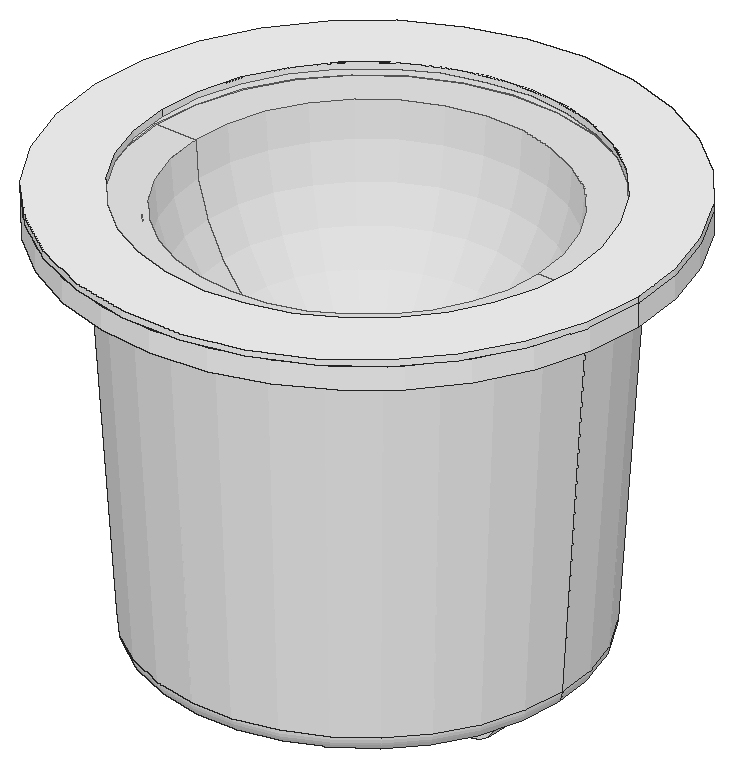
Revit family "2058870 Feilo Sylvania Lighting Fixture MYRD IP FL 2-7K PHDMEM WHT WBEZ", category Lighting Fixtures, host Face, Revit 2017
Family settings
  Host = Face
  Round Connector Dimension = Use Diameter
  Part Type = Normal
  OmniClass Number = 23.80.70.11.17
  OmniClass Title = Specialized Lighting by Location or Use
  Cut with Voids When Loaded = No
  Light Source = Yes
  Shared = No
  Room Calculation Point = No
Parameters
  Weight = "1.44 kg"
  Wattage = 15 W
  WarrantyStartDate [instance] = "n/a"
  WarrantyGuarantorParts = "n/a"
  WarrantyDurationUnit = "n/a"
  WarrantyDurationParts = "n/a"
  WarrantyDescription = "n/a"
  built-in parameter 1150110 = 1 (stored number, unit not read)
  Voltage = 230 V
  URL = "http://www.sylvania-lighting.com"
  TypeName = "MYRD IP FL 2.7K PHDMEM WHT WBEZ"
  Type Image = 0
  Type Comments = ""
  built-in parameter 1114217 = 1 (stored number, unit not read)
  Tilt Angle = -90°
  built-in parameter 1150109 = 1 (stored number, unit not read)
  built-in parameter 1150134 = (empty or 0)
  built-in parameter 1150113 = 1 (stored number, unit not read)
  SerialNumber [instance] = "n/a"
  Reflector Radius = Cutout Diameter / 2 - 2.5 mm  # 35.0 mm
  Reflector Material = Aluminum_Sylvania_Myriad_Bright
  Recessed Depth = Height  # 72.0 mm
  PowerFactor = 0
  PowerConsumption = "15 W"
  Photometric Web File = ""
  NominalWidth = 0.0 mm
  NominalLength = 76.0 mm
  NominalHeight = 72.0 mm
  Name = "MYRD IP FL 2.7K PHDMEM WHT WBEZ"
  ModelReference = "MYRD IP FL 2.7K PHDMEM WHT WBEZ"
  ModelNumber = "2058870"
  Material = "Aluminium"
  ManufacturerName = "Feilo Sylvania"
  LuminousEfficacy = "57 lm/W"
  LuminaireType = "Ceiling recessed"
  LightOutputRatio = "1"
  LampsType = Lamp  # "LED"
  LampNominalLuminous = "889 lm"
  LampMacAdamStep = "n/a"
  LampColourTemperature = "2700 K"
  LampColourRenderingIndex = "n/a"
  Keynote = "16500"
  Keynote_2 = "16500"
  InstallationDate [instance] = "n/a"
  InputVoltage = "230-240V~"
  InputNominalFrequency = "50/60 Hz"
  IngressProtection = "IP65"
  ImpactProtectionIndex = "IK02"
  IfcExportType = "IfcLightFixtureType"
  IfcExportAs = "IfcLightFixtureType"
  Height = 72.0 mm  # constant formula
  ExpectedLife = 50000
  Emit from Circle Diameter = Accessory Inner Diameter 2  # 68.0 mm
  Emit Shape Visible in Rendering = no
  ElectricShockClassification = "Class II"
  DurationUnit = "hours"
  DocumentationLiterature = "http://www.sylvania-lighting.com/product/en-int/products/2058870"
  DimmingControlOptions = "Dimmable"
  Diffuser Material = Glass_Sylvania_Myriad_Clear_4000K
  Diffuser Diameter = Cutout Diameter  # 75.0 mm
  Cutout Diameter = 75.0 mm  # constant formula
  CreatedOn = "03-11-2017"
  CreatedBy = ""
  Cost = 0
  built-in parameter 1114216 [instance] = 1 (stored number, unit not read)
  built-in parameter 1150142 = (empty or 0)
  Model = "MYRD IP FL 2.7K PHDMEM WHT WBEZ"
  Manufacturer = "Feilo Sylvania"  # constant formula
  built-in parameter 1150105 = 68.039 (stored number, unit not read)
  Lumens = 855 lm
  built-in parameter 1150115 = 1 (stored number, unit not read)
  built-in parameter 1150137 = (empty or 0)
  built-in parameter 1150139 = (empty or 0)
  built-in parameter 1150112 = 1 (stored number, unit not read)
  built-in parameter 1150114 = 1 (stored number, unit not read)
  Lamp = "LED"
  built-in parameter 1150132 = (empty or 0)
  built-in parameter 1150102 = (empty or 0)
  built-in parameter 1150107 = 2700 (stored number, unit not read)
  built-in parameter 1150138 = (empty or 0)
  built-in parameter 1150106 = 0.68039 (stored number, unit not read)
  built-in parameter 1150104 = 5.2955 (stored number, unit not read)
  Dimming Lamp Color Temperature Shift = (empty or 0)
  Description = "Supplied complete with electronic control gear Compact Fluorescent low energy downlight Emergency version passes through the cut out Ideal for low level orientation lighting New range of Architectural accessories each providing a different lit dimension New completely flush plaster up accessory ring for clean ceiling lines and smooth finish Order lamp separately"  # constant formula
  Default Elevation = 0.0 mm
  Color Filter = 16777215
  built-in parameter 1140040 [instance] = 1
  Body Radius = Reflector Radius + 1.5 mm  # 36.5 mm
  Body Material = Aluminum_Sylvania_Myriad_Gray
  BarCode [instance] = "n/a"
  built-in parameter 1114218 = 1 (stored number, unit not read)
  built-in parameter 1150133 = 10 (stored number, unit not read)
  AssetType = "Fixed"
  AssetIdentifier [instance] = "n/a"
  Assembly Code = "D5020200"
  Apparent Load = 15 VA
  Accessory Material = Aluminum_Sylvania_Myriad_White
  Accessory Inner Diameter 2 = Accessory Diameter - 22.0 mm  # 68.0 mm
  Accessory Inner Diameter 1 = Accessory Diameter - 2.0 mm  # 88.0 mm
  Accessory Diameter = Cutout Diameter + 15.0 mm  # 90.0 mm
Reference planes
  plane 1 "Center (Front/Back)": y = 0
  plane 2: z = 0
  plane 3 "Center (Left/Right)": x = 0
  plane 4: z = 2
  plane 5 "Fixture Bottom": z = 4.5
  plane 6: z = -28.5
  plane 7: z = -61.5
  plane 8 "Fixture Top": z = -67.5
  plane 9: z = 3.5
Forms (mm)
  Revolve 1, solid, material "Aluminum_Sylvania_Myriad_Bright" <- "Reflector Material", detail levels fine
    sketch origin (0, 0, 0) x (1, 0, 0) y (0, 0, 1)
      loop
        line (0, -27.515) -> (-6, -27.515)
        arc (-6, -27.515) -> (-22.333, -16.632) -> (-28.5, 2) r 30.135
        line (-28.5, 2) -> (-35, 2) -> (-35, 0) -> (-29.184, 0)
        arc (-29.184, 0) -> (-22.423, -18.18) -> (-6, -28.5) r 30.204
        line (-6, -28.5) -> (0, -28.5) -> (0, -27.515)
      axis (0, -28.5) -> (0, 2)
    angle from 0 to 360
  Revolve 2, solid, material "Aluminum_Sylvania_Myriad_Gray" <- "Body Material", detail levels fine
    sketch origin (0, 0, 0) x (1, 0, 0) y (0, 0, 1)
      loop
        line (-44, 2) -> (-44, 0) -> (-36.5, 0) -> (-32.42, -58.708)
        arc (-32.42, -58.708) -> (-31.474, -60.694) -> (-29.428, -61.5) r 3
        line (-29.428, -61.5) -> (0, -61.5) -> (0, -28.5) -> (-6, -28.5)
        arc (-6, -28.5) -> (-22.423, -18.18) -> (-29.184, 0) r 30.204
        line (-29.184, 0) -> (-35, 0) -> (-35, 2) -> (-44, 2)
      axis (0, 2) -> (0, -61.5)
    angle from 0 to 360
  Extrusion 3, solid, material "Aluminum_Sylvania_Myriad_Gray" <- "Body Material", detail levels fine
    sketch origin (0, 0, 0) x (1, 0, 0) y (0, 0, 1)
      loop
        line (-13.5, -67.5) -> (21, -67.5)
        arc (21, -67.5) -> (23.828, -66.328) -> (25, -63.5) r 4
        line (25, -63.5) -> (25, -61.5) -> (-17.5, -61.5) -> (-17.5, -63.5)
        arc (-17.5, -63.5) -> (-16.328, -66.328) -> (-13.5, -67.5) r 4
    from -4.5 to 4.5
  Extrusion 4, solid, material "Aluminum_Sylvania_Myriad_White" <- "Accessory Material", detail levels fine
    sketch origin (0, 0, 0) x (1, 0, 0) y (0, 1, 0)
      loop
        circle (0, 0) r 45
      loop
        circle (0, 0) r 44
    from 0 to 3.5
  Extrusion 5, solid, material "Aluminum_Sylvania_Myriad_White" <- "Accessory Material", detail levels fine
    sketch origin (0, 0, 0) x (1, 0, 0) y (0, 1, 0)
      loop
        circle (0, 0) r 45
      loop
        circle (0, 0) r 34
    from 3.5 to 4.5
  Extrusion 6, solid, material "Aluminum_Sylvania_Myriad_White" <- "Accessory Material", detail levels coarse+medium
    sketch origin (0, 0, 0) x (1, 0, 0) y (0, 1, 0)
      loop
        circle (0, 0) r 45
    from 0 to 4.5
  Revolve 7, solid, detail levels coarse+medium
    sketch origin (0, 0, 0) x (1, 0, 0) y (0, 0, 1)
      loop
        line (36.5, 0) -> (0, 0) -> (0, -61.5) -> (32.226, -61.5) -> (36.5, 0)
      axis (0, 0) -> (0, -61.5)
    angle from 0 to 360
  Extrusion 8, void
    sketch origin (0, 0, 0) x (1, 0, 0) y (0, 1, 0)
      loop
        circle (0, 0) r 37.5
    from -67.5 to 0
  Extrusion 9, solid, material "Glass_Sylvania_Myriad_Clear_4000K" <- "Diffuser Material", detail levels fine
    sketch origin (0, 0, 0) x (1, 0, 0) y (0, 1, 0)
      loop
        circle (0, 0) r 37.5
    from 2 to 3.5
Cuts and joins
  joined: Extrusion 4, Extrusion 5
Lines and regions (mm)
  Masking region 1
    outline origin (0, 0, 0) x (1, 0, 0) y (0, 1, 0)
      loop
        circle (0, 0) r 45
  symbolic lines
    curve 1: arc (-34, 0, 0) -> (0, 34, 0) -> (34, 0, 0) r 34
    curve 2: arc (34, 0, 0) -> (0, -34, 0) -> (-34, 0, 0) r 34
Dimensions and locks
  locked: plane 7 to plane 8 "Fixture Top" at 6
  "Body Radius": Revolve 7 sketch curve to plane 3 "Center (Left/Right)"
  locked: Revolve 7 sketch curve to Revolve 7 sketch curve at 4.274
  plane 5 "Fixture Bottom" to plane 9 to plane 4 to plane 2 to plane 6 = 1.0 mm locked, 1.5 mm locked, 2.0 mm locked, 28.5 mm locked
  "Reflector Radius": Revolve 1 sketch curve to plane 3 "Center (Left/Right)"
  Revolve 1 sketch curve to Revolve 1 sketch curve to Revolve 1 sketch curve to Revolve 1 sketch curve = 6.5 mm locked, 22.5 mm locked, 0.0 mm locked
  "Reflector Radius": plane 3 "Center (Left/Right)" to Revolve 2 sketch curve
  Revolve 2 sketch curve to Revolve 2 sketch curve to Revolve 2 sketch curve = 7.5 mm locked, 1.5 mm locked
  Revolve 2 sketch curve to Revolve 2 sketch curve to Revolve 2 sketch curve = 5.816 mm locked, 23.184 mm locked
  Revolve 2 sketch curve to Revolve 2 sketch curve to Revolve 2 sketch curve = 2.58 mm locked, 2.993 mm locked
  "Accessory Diameter": diameter of Extrusion 4 sketch curve
  "Accessory Inner Diameter 1": diameter of Extrusion 4 sketch curve
  "Accessory Diameter": diameter of Extrusion 5 sketch curve
  "Accessory Diameter": diameter of Extrusion 6 sketch curve
  "Cutout Diameter": diameter of Extrusion 8 sketch curve
  "Accessory Inner Diameter 2": diameter of Extrusion 5 sketch curve
  "Diffuser Diameter": diameter of Extrusion 9 sketch curve
  aligned and locked: plane 2 to host face
  aligned and locked: level to host face
  aligned and locked: plane 1 "Center (Front/Back)" to imposter light
  aligned and locked: plane 3 "Center (Left/Right)" to imposter light
  aligned and locked: Revolve 1 sketch curve to imposter light
  aligned and locked: Extrusion 3 sketch curve to plane 8 "Fixture Top"
  aligned and locked: plane 7 to Extrusion 3 sketch curve
  aligned and locked: Extrusion 4 to plane 2
  aligned and locked: plane 9 to Extrusion 4
  aligned and locked: Extrusion 5 to plane 9
  aligned and locked: plane 5 "Fixture Bottom" to Extrusion 5
  aligned and locked: Extrusion 6 to plane 2
  aligned and locked: plane 5 "Fixture Bottom" to Extrusion 6
  aligned and locked: Extrusion 8 to plane 8 "Fixture Top"
  aligned and locked: plane 2 to Extrusion 8
  aligned and locked: Masking region 1 sketch curve to Extrusion 6  (x2)
  aligned and locked: Extrusion 9 to plane 4
  aligned and locked: plane 9 to Extrusion 9
  aligned and locked: plane 4 to Revolve 2 sketch curve
  aligned and locked: Revolve 2 sketch curve to plane 2
  aligned and locked: curve 1 to cut or joined group of Extrusion 4, Extrusion 5
  aligned and locked: curve 2 to cut or joined group of Extrusion 4, Extrusion 5
  aligned and locked: imposter light to plane 5 "Fixture Bottom"
Automatic sketch dimensions
  host sketch curve to host sketch curve = 1305.563 mm
  host sketch curve to host sketch curve = 1283.632 mm
  Extrusion 3 sketch curve to plane 7 = 2.0 mm
  Extrusion 3 sketch curve to plane 3 "Center (Left/Right)" = 13.5 mm
  plane 3 "Center (Left/Right)" to Extrusion 3 sketch curve = 21.0 mm
  Extrusion 3 sketch curve to Extrusion 3 sketch curve = 4.0 mm
  Revolve 1 sketch curve to level = 0.0 mm
  Revolve 1 sketch curve to plane 3 "Center (Left/Right)" = 0.0 mm
  Revolve 1 sketch curve to plane 6 = 0.0 mm
  Revolve 1 sketch curve to plane 4 = 0.0 mm
  Revolve 1 sketch curve to Revolve 1 sketch curve = 0.684 mm
  level to Revolve 1 sketch curve = 0.88 mm
  Revolve 1 sketch curve to plane 4 = 0.363 mm
  Revolve 1 sketch curve to Revolve 1 sketch curve = 0.625 mm
  Revolve 1 sketch curve to plane 8 "Fixture Top" = 232.8 mm
  plane 5 "Fixture Bottom" to Revolve 1 sketch curve = 291.243 mm
  Revolve 2 sketch curve to plane 3 "Center (Left/Right)" = 0.0 mm  (x2)
  Revolve 2 sketch curve to plane 7 = 0.0 mm
  Revolve 2 sketch curve to plane 6 = 0.0 mm
  Revolve 2 sketch curve to level = 0.0 mm
  level to Revolve 2 sketch curve = 0.88 mm
  plane 7 to Revolve 2 sketch curve = 2.792 mm
  Revolve 2 sketch curve to plane 8 "Fixture Top" = 304.774 mm
  plane 5 "Fixture Bottom" to Revolve 2 sketch curve = 1137.105 mm
  Extrusion 4 sketch curve to Extrusion 4 sketch curve = 0.0 mm  (x2)
  plane 1 "Center (Front/Back)" to Extrusion 4 sketch curve = 0.0 mm
  Extrusion 4 sketch curve to plane 3 "Center (Left/Right)" = 0.0 mm
  Extrusion 5 sketch curve to Extrusion 5 sketch curve = 0.0 mm  (x2)
  plane 1 "Center (Front/Back)" to Extrusion 5 sketch curve = 0.0 mm
  Extrusion 5 sketch curve to plane 3 "Center (Left/Right)" = 0.0 mm
  plane 1 "Center (Front/Back)" to Extrusion 6 sketch curve = 0.0 mm
  Extrusion 6 sketch curve to plane 3 "Center (Left/Right)" = 0.0 mm
  Revolve 7 sketch curve to level = 0.0 mm
  Revolve 7 sketch curve to plane 3 "Center (Left/Right)" = 0.0 mm  (x2)
  Revolve 7 sketch curve to plane 7 = 0.0 mm
  Revolve 7 sketch curve to plane 8 "Fixture Top" = 304.774 mm
  plane 5 "Fixture Bottom" to Revolve 7 sketch curve = 43.226 mm
  plane 1 "Center (Front/Back)" to Extrusion 8 sketch curve = 0.0 mm
  Extrusion 8 sketch curve to plane 3 "Center (Left/Right)" = 0.0 mm
  plane 1 "Center (Front/Back)" to Extrusion 9 sketch curve = 0.0 mm
  Extrusion 9 sketch curve to plane 3 "Center (Left/Right)" = 0.0 mm
Connectors
  electrical at (-0.006, -0.019, -67.5), driven by "Apparent Load", driven by "Apparent Load"
    settings: on plane 8 "Fixture Top", index 1, voltage 230 V, apparent load 15 VA, apparent load phase1 15 VA, apparent load phase2 0 VA, apparent load phase3 0 VA, power factor 1, load classification "Lighting", number of poles 1, system type 30, power factor state 1, is connector primary yes, connector utility no, sub classification motor no, connector description ""
